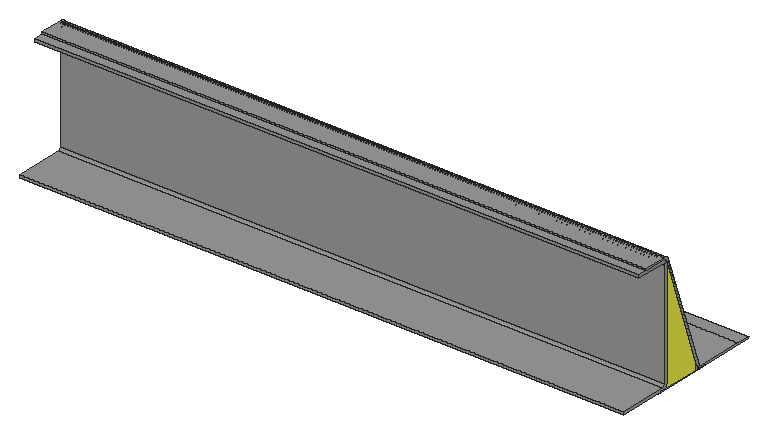
Revit family "XCFS K 90 WOL", category Generic Models, Revit 2014
Parameters (values of type "Max lintel length 3600mm")
  URL = "http://www.keystonelintels.co.uk"
  Structural Opening [instance] = 900 mm
  Structural Performance = "The Keystone lintel range has safe working loads as detailed in each applicable loading table in the Keystone Lintel Guide brochure. The structural performance figures within each table have been ascertained by testing in accordance with the requirements of standards BS EN 5977-2: 1983 and BS EN 845-2: 2003."
  RIBA Productor Selector = "available for Keystone Lintels Ltd from Keystone Lintels Ltd from ribaproductselector.com"
  Model = "XCFS/K 90 WOL"
  Min Length = 600 mm
  Min Clear Span = 300 mm
  Max Length = 3600 mm
  Max Clear Span = 3600 mm
  Material - Stainless Steel = "Grade 304 2b 1.4307 to BS EN 10088-2. Other grades available on request: contact manufacturer."
  Material - Galvanised Steel = "To BS EN 10346: 2009. DX51D plus Z600 or grade Z275 to BS 5977-2: 1983 (BS EN 845-2: 2003)."
  Manufacturer = "Keystone"
  Manufactured Length [instance] = (roundup(Effective Length / 150 mm) * 150 mm)  # 1200 mm
  Lintel height [instance] = 2100 mm
  Keynote = "F30/755"
  Fire Performance = "Keystone lintels have been subjected to a fire test (WARRES No. 101263) in accordance with BS 476-20: 1987, at Exova Warrington Fire and achieved a one hour fire performance."
  End Bearing = 150 mm
  Effective Length [instance] = Clear Opening with MIN MAX set + End Bearing * 2  # 1200 mm
  Corrosion = "Keystone’s standard range of lintels are manufactured from high quality grade pre-galvanized carbon steel with a zinc coating of 600"
  Contact Tel = "+44 (0)28 8676 2184"
  Contact Email = "info@keystonelintels.co.uk"
  Clear Opening with MIN MAX set [instance] = if(Structural Opening < Min Clear Span, Min Clear Span, (if(Structural Opening > Max Clear Span, Max Clear Span, Structural Opening)))  # 900 mm
  CPD Information = "Available for Keystone Lintels Ltd from ribacpd.com"
Reference planes
  plane 1 "Center (Front/Back)": y = 0
  plane 2: z = 0
  plane 3 "Center (Left/Right)": x = 0
  plane 4: x = -600
  plane 5: x = 600
  plane 6: z = 2100
  plane 7: x = -450
  plane 8: x = 450
Forms (mm)
  Extrusion 1, solid, material "Steel"
    sketch origin (0, 728.125, -493.091) x (0, 1, 0) y (0, 0, 1)
      loop
        line (-563.078, 2592.24) -> (-562.968, 2595.438) -> (-587.968, 2596.291) -> (-681.901, 2596.291)
        arc (-681.901, 2596.291) -> (-685.182, 2597.519) -> (-686.853, 2600.599) r 5
        line (-686.853, 2600.599) -> (-763.246, 2822.697)
        arc (-763.246, 2822.697) -> (-766.222, 2826.816) -> (-771.053, 2828.391) r 8.2
        line (-771.053, 2828.391) -> (-816.391, 2828.391) -> (-816.391, 2825.191) -> (-771.053, 2825.191)
        arc (-771.053, 2825.191) -> (-768.096, 2824.222) -> (-766.284, 2821.692) r 5
        line (-766.284, 2821.692) -> (-689.967, 2599.814)
        arc (-689.967, 2599.814) -> (-687.151, 2594.992) -> (-681.901, 2593.091) r 8.2
        line (-681.901, 2593.091) -> (-588.023, 2593.091) -> (-563.078, 2592.24)
    from -600 to 600
  Extrusion 2, solid, material "Steel"
    sketch origin (0, 728.125, -493.091) x (0, 1, 0) y (0, 0, 1)
      loop
        arc (-776.004, 2820.191) -> (-772.468, 2818.727) -> (-771.004, 2815.191) r 5
        line (-771.004, 2815.191) -> (-771.004, 2603.091)
        arc (-771.004, 2603.091) -> (-772.468, 2599.556) -> (-776.004, 2598.091) r 5
        line (-776.004, 2598.091) -> (-871.004, 2598.091) -> (-871.004, 2593.091) -> (-776.004, 2593.091)
        arc (-776.004, 2593.091) -> (-768.933, 2596.02) -> (-766.004, 2603.091) r 10
        line (-766.004, 2603.091) -> (-766.004, 2815.191)
        arc (-766.004, 2815.191) -> (-768.933, 2822.262) -> (-776.004, 2825.191) r 10
        line (-776.004, 2825.191) -> (-836.004, 2825.191) -> (-836.004, 2820.191) -> (-776.004, 2820.191)
    from -600 to 600
  Extrusion 3, solid, material "Steel"
    sketch origin (0, 728.125, -493.091) x (0, 1, 0) y (0, 0, 1)
      loop
        line (-669.504, 2592.091) -> (-669.504, 2593.091) -> (-691.504, 2593.091) -> (-691.504, 2601.091) -> (-692.504, 2601.091) -> (-692.504, 2593.091) -> (-784.504, 2593.091) -> (-784.504, 2592.091) -> (-669.504, 2592.091)
    from -600 to 600
  Extrusion 4, solid, material "Insulation"
    sketch origin (0, 728.125, -493.091) x (0, 1, 0) y (0, 0, 1)
      loop
        line (-691.504, 2593.091) -> (-681.901, 2593.091)
        arc (-681.901, 2593.091) -> (-687.151, 2594.992) -> (-689.967, 2599.814) r 8.2
        line (-689.967, 2599.814) -> (-766.284, 2821.692)
        arc (-766.284, 2821.692) -> (-768.096, 2824.222) -> (-771.053, 2825.191) r 5
        line (-771.053, 2825.191) -> (-776.004, 2825.191)
        arc (-776.004, 2825.191) -> (-768.933, 2822.262) -> (-766.004, 2815.191) r 10
        line (-766.004, 2815.191) -> (-766.004, 2603.091)
        arc (-766.004, 2603.091) -> (-768.933, 2596.02) -> (-776.004, 2593.091) r 10
        line (-776.004, 2593.091) -> (-692.504, 2593.091) -> (-692.504, 2601.091) -> (-691.504, 2601.091) -> (-691.504, 2593.091)
    from -600 to 600
  Extrusion 5, solid, not visible
    sketch origin (0, 1023.407, 1258.739) x (0, 1, 0) y (0, 0, 1)
      loop
        line (-563.078, 992.24) -> (-562.968, 995.438) -> (-587.968, 996.291) -> (-681.901, 996.291)
        arc (-681.901, 996.291) -> (-685.182, 997.519) -> (-686.853, 1000.599) r 5
        line (-686.853, 1000.599) -> (-763.246, 1222.697)
        arc (-763.246, 1222.697) -> (-766.222, 1226.816) -> (-771.053, 1228.391) r 8.2
        line (-771.053, 1228.391) -> (-816.391, 1228.391) -> (-816.391, 1225.191) -> (-771.053, 1225.191)
        arc (-771.053, 1225.191) -> (-768.096, 1224.222) -> (-766.284, 1221.692) r 5
        line (-766.284, 1221.692) -> (-689.967, 999.814)
        arc (-689.967, 999.814) -> (-687.151, 994.992) -> (-681.901, 993.091) r 8.2
        line (-681.901, 993.091) -> (-588.023, 993.091) -> (-563.078, 992.24)
    from 0 to 250
  Extrusion 6, solid, not visible
    sketch origin (0, 660.699, 1329.95) x (0, 1, 0) y (0, 0, 1)
      loop
        arc (-776.004, 1220.191) -> (-772.468, 1218.727) -> (-771.004, 1215.191) r 5
        line (-771.004, 1215.191) -> (-771.004, 1003.091)
        arc (-771.004, 1003.091) -> (-772.468, 999.556) -> (-776.004, 998.091) r 5
        line (-776.004, 998.091) -> (-871.004, 998.091) -> (-871.004, 993.091) -> (-776.004, 993.091)
        arc (-776.004, 993.091) -> (-768.933, 996.02) -> (-766.004, 1003.091) r 10
        line (-766.004, 1003.091) -> (-766.004, 1215.191)
        arc (-766.004, 1215.191) -> (-768.933, 1222.262) -> (-776.004, 1225.191) r 10
        line (-776.004, 1225.191) -> (-836.004, 1225.191) -> (-836.004, 1220.191) -> (-776.004, 1220.191)
    from 0 to 250
  Extrusion 7, solid, not visible
    sketch origin (0, 903.036, 1007.858) x (0, 1, 0) y (0, 0, 1)
      loop
        line (-669.504, 992.091) -> (-669.504, 993.091) -> (-691.504, 993.091) -> (-691.504, 1001.091) -> (-692.504, 1001.091) -> (-692.504, 993.091) -> (-784.504, 993.091) -> (-784.504, 992.091) -> (-669.504, 992.091)
    from 0 to 250
  Extrusion 8, solid, not visible
    sketch origin (0, 567.793, 833.044) x (0, 1, 0) y (0, 0, 1)
      loop
        line (-691.504, 993.091) -> (-681.901, 993.091)
        arc (-681.901, 993.091) -> (-687.151, 994.992) -> (-689.967, 999.814) r 8.2
        line (-689.967, 999.814) -> (-766.284, 1221.692)
        arc (-766.284, 1221.692) -> (-768.096, 1224.222) -> (-771.053, 1225.191) r 5
        line (-771.053, 1225.191) -> (-776.004, 1225.191)
        arc (-776.004, 1225.191) -> (-768.933, 1222.262) -> (-766.004, 1215.191) r 10
        line (-766.004, 1215.191) -> (-766.004, 1003.091)
        arc (-766.004, 1003.091) -> (-768.933, 996.02) -> (-776.004, 993.091) r 10
        line (-776.004, 993.091) -> (-692.504, 993.091) -> (-692.504, 1001.091) -> (-691.504, 1001.091) -> (-691.504, 993.091)
    from 0 to 250
Dimensions and locks
  equal spacing: plane 4, plane 3 "Center (Left/Right)", plane 5
  "Manufactured Length": plane 4 to plane 5
  "Lintel height": plane 6 to level
  "Structural Opening": plane 7 to plane 8
  equal spacing: plane 7, plane 3 "Center (Left/Right)", plane 8
  aligned and locked: level to plane 2
  aligned and locked: Extrusion 1 to plane 6
  aligned and locked: Extrusion 4 to plane 6
  aligned and locked: Extrusion 2 to plane 6
  aligned and locked: plane 6 to Extrusion 3
  aligned and locked: plane 5 to Extrusion 1
  aligned and locked: Extrusion 1 to plane 4
  aligned and locked: plane 5 to Extrusion 2
  aligned and locked: Extrusion 2 to plane 4
  aligned and locked: plane 5 to Extrusion 4
  aligned and locked: Extrusion 4 to plane 4
  aligned and locked: plane 5 to Extrusion 3
  aligned and locked: Extrusion 3 to plane 4
Automatic sketch dimensions
  Extrusion 1 sketch curve to Extrusion 1 sketch curve = 93.878 mm
  Extrusion 1 sketch curve to Extrusion 1 sketch curve = 24.945 mm
  Extrusion 1 sketch curve to Extrusion 1 sketch curve = 0.851 mm
  Extrusion 1 sketch curve to Extrusion 1 sketch curve = 0.109 mm
  Extrusion 1 sketch curve to Extrusion 1 sketch curve = 0.055 mm
  Extrusion 1 sketch curve to Extrusion 1 sketch curve = 0 mm  (x8)
  Extrusion 1 sketch curve to Extrusion 1 sketch curve = 5 mm
  Extrusion 1 sketch curve to Extrusion 1 sketch curve = 8.066 mm
  Extrusion 1 sketch curve to Extrusion 1 sketch curve = 3.114 mm
  Extrusion 1 sketch curve to Extrusion 1 sketch curve = 73.279 mm
  Extrusion 1 sketch curve to Extrusion 1 sketch curve = 222.883 mm
  Extrusion 1 sketch curve to Extrusion 1 sketch curve = 3.038 mm
  Extrusion 1 sketch curve to Extrusion 1 sketch curve = 1.006 mm
  Extrusion 1 sketch curve to Extrusion 1 sketch curve = 4.77 mm
  Extrusion 1 sketch curve to Extrusion 1 sketch curve = 1.5 mm
  Extrusion 1 sketch curve to Extrusion 1 sketch curve = 45.337 mm
  Extrusion 2 sketch curve to Extrusion 2 sketch curve = 60 mm
  Extrusion 2 sketch curve to Extrusion 2 sketch curve = 5 mm  (x3)
  Extrusion 2 sketch curve to Extrusion 2 sketch curve = 0 mm  (x8)
  Extrusion 2 sketch curve to Extrusion 2 sketch curve = 212.1 mm
  Extrusion 2 sketch curve to Extrusion 2 sketch curve = 95 mm
  Extrusion 3 sketch curve to Extrusion 3 sketch curve = 115 mm
  Extrusion 3 sketch curve to Extrusion 3 sketch curve = 1 mm  (x2)
  Extrusion 3 sketch curve to Extrusion 3 sketch curve = 22 mm
  Extrusion 3 sketch curve to Extrusion 3 sketch curve = 8 mm
  Extrusion 3 sketch curve to Extrusion 3 sketch curve = 0 mm
  Extrusion 4 sketch curve to Extrusion 4 sketch curve = 8.066 mm
  Extrusion 4 sketch curve to Extrusion 4 sketch curve = 1.537 mm
  Extrusion 4 sketch curve to Extrusion 4 sketch curve = 0 mm  (x4)
  Extrusion 4 sketch curve to Extrusion 4 sketch curve = 1.477 mm
  Extrusion 4 sketch curve to Extrusion 4 sketch curve = 76.317 mm
  Extrusion 4 sketch curve to Extrusion 4 sketch curve = 221.878 mm
  Extrusion 4 sketch curve to Extrusion 4 sketch curve = 1.277 mm
  Extrusion 4 sketch curve to Extrusion 4 sketch curve = 1 mm
  Extrusion 4 sketch curve to Extrusion 4 sketch curve = 83.5 mm
  Extrusion 4 sketch curve to Extrusion 4 sketch curve = 10 mm  (x2)
  Extrusion 4 sketch curve to Extrusion 4 sketch curve = 6.5 mm
  Extrusion 4 sketch curve to Extrusion 4 sketch curve = 4.77 mm
  Extrusion 4 sketch curve to Extrusion 4 sketch curve = 1.5 mm
  Extrusion 4 sketch curve to Extrusion 4 sketch curve = 4.951 mm
  Extrusion 4 sketch curve to Extrusion 4 sketch curve = 6.723 mm
  Extrusion 5 sketch curve to Extrusion 5 sketch curve = 93.878 mm
  Extrusion 5 sketch curve to Extrusion 5 sketch curve = 24.945 mm
  Extrusion 5 sketch curve to Extrusion 5 sketch curve = 0.851 mm
  Extrusion 5 sketch curve to Extrusion 5 sketch curve = 0.109 mm
  Extrusion 5 sketch curve to Extrusion 5 sketch curve = 0.055 mm
  Extrusion 5 sketch curve to Extrusion 5 sketch curve = 0 mm  (x8)
  Extrusion 5 sketch curve to Extrusion 5 sketch curve = 5 mm
  Extrusion 5 sketch curve to Extrusion 5 sketch curve = 8.066 mm
  Extrusion 5 sketch curve to Extrusion 5 sketch curve = 3.114 mm
  Extrusion 5 sketch curve to Extrusion 5 sketch curve = 73.279 mm
  Extrusion 5 sketch curve to Extrusion 5 sketch curve = 222.883 mm
  Extrusion 5 sketch curve to Extrusion 5 sketch curve = 3.038 mm
  Extrusion 5 sketch curve to Extrusion 5 sketch curve = 1.006 mm
  Extrusion 5 sketch curve to Extrusion 5 sketch curve = 4.77 mm
  Extrusion 5 sketch curve to Extrusion 5 sketch curve = 1.5 mm
  Extrusion 5 sketch curve to Extrusion 5 sketch curve = 45.337 mm
  Extrusion 6 sketch curve to Extrusion 6 sketch curve = 60 mm
  Extrusion 6 sketch curve to Extrusion 6 sketch curve = 5 mm  (x3)
  Extrusion 6 sketch curve to Extrusion 6 sketch curve = 0 mm  (x8)
  Extrusion 6 sketch curve to Extrusion 6 sketch curve = 212.1 mm
  Extrusion 6 sketch curve to Extrusion 6 sketch curve = 95 mm
  Extrusion 7 sketch curve to Extrusion 7 sketch curve = 115 mm
  Extrusion 7 sketch curve to Extrusion 7 sketch curve = 1 mm  (x2)
  Extrusion 7 sketch curve to Extrusion 7 sketch curve = 22 mm
  Extrusion 7 sketch curve to Extrusion 7 sketch curve = 8 mm
  Extrusion 7 sketch curve to Extrusion 7 sketch curve = 0 mm
  Extrusion 8 sketch curve to Extrusion 8 sketch curve = 8.066 mm
  Extrusion 8 sketch curve to Extrusion 8 sketch curve = 1.537 mm
  Extrusion 8 sketch curve to Extrusion 8 sketch curve = 0 mm  (x4)
  Extrusion 8 sketch curve to Extrusion 8 sketch curve = 1.477 mm
  Extrusion 8 sketch curve to Extrusion 8 sketch curve = 76.317 mm
  Extrusion 8 sketch curve to Extrusion 8 sketch curve = 221.878 mm
  Extrusion 8 sketch curve to Extrusion 8 sketch curve = 1.277 mm
  Extrusion 8 sketch curve to Extrusion 8 sketch curve = 1 mm
  Extrusion 8 sketch curve to Extrusion 8 sketch curve = 83.5 mm
  Extrusion 8 sketch curve to Extrusion 8 sketch curve = 10 mm  (x2)
  Extrusion 8 sketch curve to Extrusion 8 sketch curve = 6.5 mm
  Extrusion 8 sketch curve to Extrusion 8 sketch curve = 4.77 mm
  Extrusion 8 sketch curve to Extrusion 8 sketch curve = 1.5 mm
  Extrusion 8 sketch curve to Extrusion 8 sketch curve = 4.951 mm
  Extrusion 8 sketch curve to Extrusion 8 sketch curve = 6.723 mm
  Extrusion 2 sketch curve to plane 6 = 0 mm
  plane 1 "Center (Front/Back)" to Extrusion 2 sketch curve = 142.879 mm
  Extrusion 1 sketch curve to plane 6 = 0 mm
  plane 1 "Center (Front/Back)" to Extrusion 1 sketch curve = 88.265 mm
  Extrusion 4 sketch curve to plane 6 = 0 mm
  plane 1 "Center (Front/Back)" to Extrusion 4 sketch curve = 47.879 mm
  Extrusion 3 sketch curve to plane 6 = 0 mm
  plane 1 "Center (Front/Back)" to Extrusion 3 sketch curve = 56.379 mm
